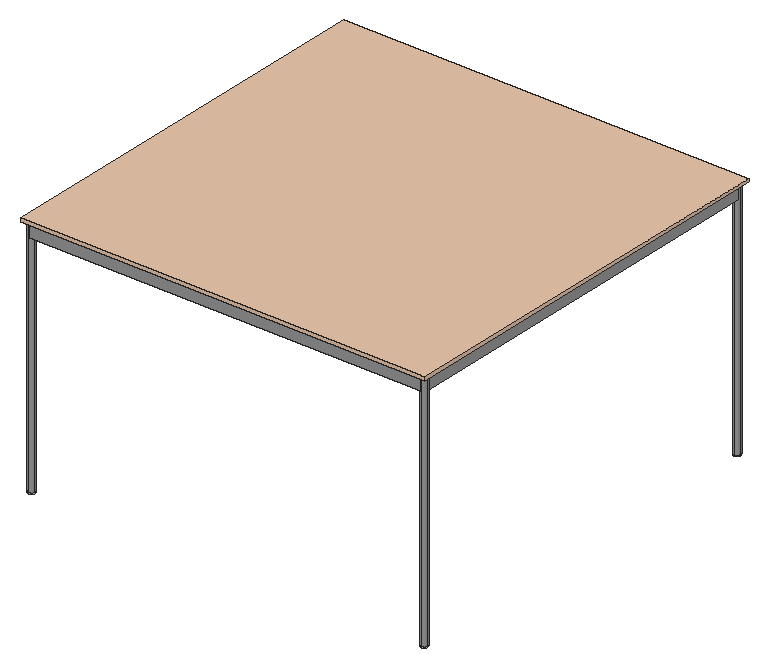
Revit family "SP5F", category Furniture, Revit 2020
Family settings
  OmniClass Number = 23.40.20.00
  OmniClass Title = General Furniture and Specialties
  Work Plane-Based = No
  Always vertical = Yes
  Cut with Voids When Loaded = No
  Shared = No
  Room Calculation Point = No
Parameters
  Width = 5' - 0"
  Top = 0' - 0 1/2"
  Length = 5' - 0"
  Leg Dia = 0' - 1"
  Height = 3' - 0"
  Default Elevation = 0' - 0"
  Bottom = 0' - 2"
Reference planes (in)
  plane 1 "Center Front/Back": y = 0
  plane 2: z = 0
  plane 3 "Center Left/Right": x = 0
  plane 4: x = 30
  plane 5: x = -30
  plane 6 "Center L/U": y = 30
  plane 7 "Center L/V": y = -30
  plane 8: x = -29.5
  plane 9: x = 29.5
  plane 10: y = 29.5
  plane 11: y = -29.5
  plane 12: z = 36
  plane 13: z = 36.5
  plane 14: z = 34
  plane 15: y = 28.5
  plane 16: z = 0.18737
Forms (in)
  Extrusion 1, solid, material "#Top"
    sketch origin (0, 0, 0) x (1, 0, 0) y (0, 1, 0)
      loop
        line (-30, 30) -> (-30, -30) -> (30, -30) -> (30, 30) -> (-30, 30)
    from 36 to 36.5
  Extrusion 2, solid, material "#Base"
    sketch origin (0, 0, 0) x (1, 0, 0) y (0, 1, 0)
      loop
        arc (-29, 29.5) -> (-29.35355, 29.35355) -> (-29.5, 29) r 0.5
        line (-29.5, 29) -> (-29.5, -29)
        arc (-29.5, -29) -> (-29.35355, -29.35355) -> (-29, -29.5) r 0.5
        line (-29, -29.5) -> (29, -29.5)
        arc (29, -29.5) -> (29.35355, -29.35355) -> (29.5, -29) r 0.5
        line (29.5, -29) -> (29.5, 29)
        arc (29.5, 29) -> (29.35355, 29.35355) -> (29, 29.5) r 0.5
        line (29, 29.5) -> (-29, 29.5)
      loop
        line (-28.5, 28.5) -> (-28.5, -28.5) -> (28.5, -28.5) -> (28.5, 28.5) -> (-28.5, 28.5)
    from 34 to 36
  Extrusion 3, solid, material "#Base"
    sketch origin (0, 0, 0) x (1, 0, 0) y (0, 1, 0)
      loop
        line (-28.5, -28.5) -> (-29.75, -28.5) -> (-29.75, -29.5) -> (-28.5, -29.5) -> (-28.5, -28.5)
    from 0.18737 to 36
  Extrusion 4, void
    sketch origin (0, 0, 0) x (1, 0, 0) y (0, 1, 0)
      loop
        arc (-28.625, -29) -> (-28.77145, -28.64645) -> (-29.125, -28.5) r 0.5
        arc (-29.125, -28.5) -> (-29.47855, -28.64645) -> (-29.625, -29) r 0.5
        arc (-29.625, -29) -> (-29.47855, -29.35355) -> (-29.125, -29.5) r 0.5
        arc (-29.125, -29.5) -> (-28.77145, -29.35355) -> (-28.625, -29) r 0.5
      loop
        arc (-29, -28) -> (-29.70711, -28.29289) -> (-30, -29) r 1
        arc (-30, -29) -> (-29.70711, -29.70711) -> (-29, -30) r 1
        arc (-29, -30) -> (-28.29289, -29.70711) -> (-28, -29) r 1
        arc (-28, -29) -> (-28.29289, -28.29289) -> (-29, -28) r 1
    from 0.18737 to 36
  Extrusion 5, solid, material "#Base"
    sketch origin (0, 0, 0) x (1, 0, 0) y (0, 1, 0)
      loop
        line (-28.5, 28.5) -> (-28.5, 29.5) -> (-29.75, 29.5) -> (-29.75, 28.5) -> (-28.5, 28.5)
    from 0.18737 to 36
  Extrusion 6, void
    sketch origin (0, 0, 0) x (1, 0, 0) y (0, 1, 0)
      loop
        arc (-28.625, 29) -> (-28.77145, 29.35355) -> (-29.125, 29.5) r 0.5
        arc (-29.125, 29.5) -> (-29.47855, 29.35355) -> (-29.625, 29) r 0.5
        arc (-29.625, 29) -> (-29.47855, 28.64645) -> (-29.125, 28.5) r 0.5
        arc (-29.125, 28.5) -> (-28.77145, 28.64645) -> (-28.625, 29) r 0.5
      loop
        arc (-29, 28) -> (-28.29289, 28.29289) -> (-28, 29) r 1
        arc (-28, 29) -> (-28.29289, 29.70711) -> (-29, 30) r 1
        arc (-29, 30) -> (-29.70711, 29.70711) -> (-30, 29) r 1
        arc (-30, 29) -> (-29.70711, 28.29289) -> (-29, 28) r 1
    from 0.18737 to 36
  Extrusion 7, solid, material "#Base"
    sketch origin (0, 0, 0) x (-1, 0, 0) y (0, -1, 0)
      loop
        line (-28.5, 28.5) -> (-28.5, 29.5) -> (-29.75, 29.5) -> (-29.75, 28.5) -> (-28.5, 28.5)
    from 0.18737 to 36
  Extrusion 8, void
    sketch origin (0, 0, 0) x (-1, 0, 0) y (0, -1, 0)
      loop
        arc (-28.625, 29) -> (-28.77145, 29.35355) -> (-29.125, 29.5) r 0.5
        arc (-29.125, 29.5) -> (-29.47855, 29.35355) -> (-29.625, 29) r 0.5
        arc (-29.625, 29) -> (-29.47855, 28.64645) -> (-29.125, 28.5) r 0.5
        arc (-29.125, 28.5) -> (-28.77145, 28.64645) -> (-28.625, 29) r 0.5
      loop
        arc (-29, 28) -> (-28.29289, 28.29289) -> (-28, 29) r 1
        arc (-28, 29) -> (-28.29289, 29.70711) -> (-29, 30) r 1
        arc (-29, 30) -> (-29.70711, 29.70711) -> (-30, 29) r 1
        arc (-30, 29) -> (-29.70711, 28.29289) -> (-29, 28) r 1
    from 0.18737 to 36
  Extrusion 9, solid, material "#Base"
    sketch origin (0, 0, 0) x (-1, 0, 0) y (0, -1, 0)
      loop
        line (-28.5, -28.5) -> (-29.75, -28.5) -> (-29.75, -29.5) -> (-28.5, -29.5) -> (-28.5, -28.5)
    from 0.18737 to 36
  Extrusion 10, void
    sketch origin (0, 0, 0) x (-1, 0, 0) y (0, -1, 0)
      loop
        arc (-28.625, -29) -> (-28.77145, -28.64645) -> (-29.125, -28.5) r 0.5
        arc (-29.125, -28.5) -> (-29.47855, -28.64645) -> (-29.625, -29) r 0.5
        arc (-29.625, -29) -> (-29.47855, -29.35355) -> (-29.125, -29.5) r 0.5
        arc (-29.125, -29.5) -> (-28.77145, -29.35355) -> (-28.625, -29) r 0.5
      loop
        arc (-29, -28) -> (-29.70711, -28.29289) -> (-30, -29) r 1
        arc (-30, -29) -> (-29.70711, -29.70711) -> (-29, -30) r 1
        arc (-29, -30) -> (-28.29289, -29.70711) -> (-28, -29) r 1
        arc (-28, -29) -> (-28.29289, -28.29289) -> (-29, -28) r 1
    from 0.18737 to 36
  Extrusion 11, solid
    sketch origin (0, 0, 0) x (1, 0, 0) y (0, 1, 0)
      loop
        arc (-28.625, 29) -> (-28.77145, 29.35355) -> (-29.125, 29.5) r 0.5
        arc (-29.125, 29.5) -> (-29.47855, 29.35355) -> (-29.625, 29) r 0.5
        arc (-29.625, 29) -> (-29.47855, 28.64645) -> (-29.125, 28.5) r 0.5
        arc (-29.125, 28.5) -> (-28.77145, 28.64645) -> (-28.625, 29) r 0.5
    from 0 to 0.11626
  Extrusion 12, solid
    sketch origin (0, 0, 0) x (1, 0, 0) y (0, 1, 0)
      loop
        arc (-29.125, 28.51172) -> (-28.77973, 28.65473) -> (-28.63672, 29) r 0.48828
        arc (-28.63672, 29) -> (-28.77973, 29.34527) -> (-29.125, 29.48828) r 0.48828
        arc (-29.125, 29.48828) -> (-29.47027, 29.34527) -> (-29.61328, 29) r 0.48828
        arc (-29.61328, 29) -> (-29.47027, 28.65473) -> (-29.125, 28.51172) r 0.48828
    from 0.11626 to 0.18737
  Extrusion 13, solid
    sketch origin (0, 0, 0) x (-1, 0, 0) y (0, -1, 0)
      loop
        arc (-28.625, -29) -> (-28.77145, -28.64645) -> (-29.125, -28.5) r 0.5
        arc (-29.125, -28.5) -> (-29.47855, -28.64645) -> (-29.625, -29) r 0.5
        arc (-29.625, -29) -> (-29.47855, -29.35355) -> (-29.125, -29.5) r 0.5
        arc (-29.125, -29.5) -> (-28.77145, -29.35355) -> (-28.625, -29) r 0.5
    from 0.11626 to 0
  Extrusion 14, solid
    sketch origin (0, 0, 0) x (-1, 0, 0) y (0, -1, 0)
      loop
        arc (-29.125, -28.51172) -> (-29.47027, -28.65473) -> (-29.61328, -29) r 0.48828
        arc (-29.61328, -29) -> (-29.47027, -29.34527) -> (-29.125, -29.48828) r 0.48828
        arc (-29.125, -29.48828) -> (-28.77973, -29.34527) -> (-28.63672, -29) r 0.48828
        arc (-28.63672, -29) -> (-28.77973, -28.65473) -> (-29.125, -28.51172) r 0.48828
    from 0.11626 to 0.18737
  Extrusion 15, solid
    sketch origin (0, 0, 0) x (1, 0, 0) y (0, 1, 0)
      loop
        arc (-28.625, -29) -> (-28.77145, -28.64645) -> (-29.125, -28.5) r 0.5
        arc (-29.125, -28.5) -> (-29.47855, -28.64645) -> (-29.625, -29) r 0.5
        arc (-29.625, -29) -> (-29.47855, -29.35355) -> (-29.125, -29.5) r 0.5
        arc (-29.125, -29.5) -> (-28.77145, -29.35355) -> (-28.625, -29) r 0.5
    from 0 to 0.11626
  Extrusion 16, solid
    sketch origin (0, 0, 0) x (1, 0, 0) y (0, 1, 0)
      loop
        arc (-29.125, -28.51172) -> (-29.47027, -28.65473) -> (-29.61328, -29) r 0.48828
        arc (-29.61328, -29) -> (-29.47027, -29.34527) -> (-29.125, -29.48828) r 0.48828
        arc (-29.125, -29.48828) -> (-28.77973, -29.34527) -> (-28.63672, -29) r 0.48828
        arc (-28.63672, -29) -> (-28.77973, -28.65473) -> (-29.125, -28.51172) r 0.48828
    from 0.11626 to 0.18737
  Extrusion 17, solid
    sketch origin (0, 0, 0) x (-1, 0, 0) y (0, -1, 0)
      loop
        arc (-29.125, 28.51172) -> (-28.77973, 28.65473) -> (-28.63672, 29) r 0.48828
        arc (-28.63672, 29) -> (-28.77973, 29.34527) -> (-29.125, 29.48828) r 0.48828
        arc (-29.125, 29.48828) -> (-29.47027, 29.34527) -> (-29.61328, 29) r 0.48828
        arc (-29.61328, 29) -> (-29.47027, 28.65473) -> (-29.125, 28.51172) r 0.48828
    from 0.11626 to 0.18737
  Extrusion 18, solid
    sketch origin (58.25, 0, 0) x (1, 0, 0) y (0, 1, 0)
      loop
        arc (-28.625, -29) -> (-28.77145, -28.64645) -> (-29.125, -28.5) r 0.5
        arc (-29.125, -28.5) -> (-29.47855, -28.64645) -> (-29.625, -29) r 0.5
        arc (-29.625, -29) -> (-29.47855, -29.35355) -> (-29.125, -29.5) r 0.5
        arc (-29.125, -29.5) -> (-28.77145, -29.35355) -> (-28.625, -29) r 0.5
    from 0 to 0.11626
Cuts and joins
  Extrusion 6, Extrusion 8, Extrusion 10 cuts Extrusion 1
  Extrusion 4, Extrusion 6, Extrusion 8, Extrusion 10 cuts Extrusion 3
  Extrusion 6, Extrusion 8, Extrusion 10 cuts Extrusion 5
  Extrusion 8 cuts Extrusion 7
  Extrusion 10 cuts Extrusion 9
  joined: Extrusion 2, Extrusion 3, Extrusion 5, Extrusion 7, Extrusion 9
Dimensions and locks (in)
  "Length": plane 5 to plane 4
  "Width": plane 7 "Center L/V" to plane 6 "Center L/U"
  equal spacing: plane 5, plane 3 "Center Left/Right", plane 4
  equal spacing: plane 7 "Center L/V", plane 1 "Center Front/Back", plane 6 "Center L/U"
  plane 5 to plane 8 = 0' - 0 1/2"
  plane 6 "Center L/U" to plane 10 = 0' - 0 1/2"
  plane 9 to plane 4 = 0' - 0 1/2"
  plane 7 "Center L/V" to plane 11 = 0' - 0 1/2"
  "Height": plane 12 to level
  "Top": plane 13 to plane 12
  "Bottom": plane 12 to plane 14
  "Leg Dia": plane 10 to plane 15
  aligned and locked: level to plane 2
  aligned and locked: plane 6 "Center L/U" to Extrusion 1 sketch curve
  aligned and locked: Extrusion 1 sketch curve to plane 5
  aligned and locked: Extrusion 1 sketch curve to plane 7 "Center L/V"
  aligned and locked: Extrusion 1 sketch curve to plane 4
  aligned and locked: plane 13 to Extrusion 1
  aligned and locked: Extrusion 1 to plane 12
  aligned and locked: Extrusion 2 to plane 14
  aligned and locked: plane 12 to Extrusion 2
  aligned and locked: Extrusion 3 to Extrusion 2
  aligned and locked: Extrusion 2 to Extrusion 4
  aligned and locked: Extrusion 6 to Extrusion 1
  aligned and locked: plane 12 to Extrusion 3
  aligned and locked: plane 12 to Extrusion 5
  aligned and locked: Extrusion 8 to Extrusion 1
  aligned and locked: plane 12 to Extrusion 7
  aligned and locked: Extrusion 10 to Extrusion 1
  aligned and locked: plane 12 to Extrusion 9
  aligned and locked: Extrusion 4 to Extrusion 3
  aligned and locked: Extrusion 10 to Extrusion 8
  aligned and locked: Extrusion 9 to Extrusion 7
  aligned and locked: Extrusion 10 to Extrusion 14
  aligned and locked: Extrusion 12 to cut or joined group of Extrusion 2, Extrusion 3, Extrusion 4, Extrusion 5, Extrusion 6, Extrusion 7, Extrusion 8, Extrusion 9, Extrusion 10
Automatic sketch dimensions
  Extrusion 2 sketch curve to plane 8 = 0' - 0"
  Extrusion 2 sketch curve to plane 11 = 0' - 0"
  Extrusion 2 sketch curve to plane 10 = 0' - 0"
  Extrusion 2 sketch curve to plane 15 = 0' - 0"
  Extrusion 2 sketch curve to plane 9 = 0' - 0"
  plane 8 to Extrusion 2 sketch curve = 0' - 0 1/2"  (x2)
  Extrusion 2 sketch curve to Extrusion 2 sketch curve = 0' - 0 1/2"  (x3)
  plane 9 to Extrusion 2 sketch curve = 0' - 1"
  plane 9 to Extrusion 2 sketch curve = 0' - 0 1/2"
  Extrusion 3 sketch curve to plane 11 = 0' - 0"
  plane 5 to Extrusion 3 sketch curve = 0' - 0 1/4"
  Extrusion 3 sketch curve to plane 8 = 0' - 1"
  plane 11 to Extrusion 3 sketch curve = 0' - 1"
  Extrusion 4 sketch curve to Extrusion 4 sketch curve = 0' - 0"  (x25)
  Extrusion 4 sketch curve to plane 5 = 0' - 0"
  Extrusion 4 sketch curve to plane 11 = 0' - 0"
  plane 7 "Center L/V" to Extrusion 4 sketch curve = 0' - 0"
  plane 8 to Extrusion 4 sketch curve = 0' - 0 3/8"
  Extrusion 4 sketch curve to Extrusion 4 sketch curve = 0' - 0 1/8"
  Extrusion 5 sketch curve to plane 15 = 0' - 0"
  Extrusion 5 sketch curve to plane 10 = 0' - 0"
  Extrusion 5 sketch curve to plane 5 = 0' - 0 1/4"
  plane 8 to Extrusion 5 sketch curve = 0' - 1"
  Extrusion 6 sketch curve to Extrusion 6 sketch curve = 0' - 0"  (x24)
  Extrusion 6 sketch curve to plane 5 = 0' - 0"
  Extrusion 6 sketch curve to plane 15 = 0' - 0"
  Extrusion 6 sketch curve to plane 10 = 0' - 0"
  plane 6 "Center L/U" to Extrusion 6 sketch curve = 0' - 0"
  Extrusion 6 sketch curve to plane 8 = 0' - 0 3/8"
  Extrusion 6 sketch curve to Extrusion 6 sketch curve = 0' - 0 1/8"
  plane 11 to Extrusion 7 sketch curve = 0' - 0"
  Extrusion 7 sketch curve to plane 4 = 0' - 0 1/4"
  plane 9 to Extrusion 7 sketch curve = 0' - 1"
  Extrusion 7 sketch curve to plane 11 = 0' - 1"
  Extrusion 8 sketch curve to Extrusion 8 sketch curve = 0' - 0"  (x25)
  Extrusion 8 sketch curve to plane 4 = 0' - 0"
  plane 11 to Extrusion 8 sketch curve = 0' - 0"
  plane 7 "Center L/V" to Extrusion 8 sketch curve = 0' - 0"
  Extrusion 8 sketch curve to plane 9 = 0' - 0 3/8"
  Extrusion 8 sketch curve to Extrusion 8 sketch curve = 0' - 0 1/8"
  Extrusion 9 sketch curve to plane 15 = 0' - 0"
  Extrusion 9 sketch curve to plane 10 = 0' - 0"
  plane 4 to Extrusion 9 sketch curve = 0' - 0 1/4"
  Extrusion 9 sketch curve to plane 9 = 0' - 1"
  Extrusion 10 sketch curve to Extrusion 10 sketch curve = 0' - 0"  (x24)
  Extrusion 10 sketch curve to plane 4 = 0' - 0"
  Extrusion 10 sketch curve to plane 15 = 0' - 0"
  Extrusion 10 sketch curve to plane 10 = 0' - 0"
  plane 6 "Center L/U" to Extrusion 10 sketch curve = 0' - 0"
  plane 9 to Extrusion 10 sketch curve = 0' - 0 3/8"
  Extrusion 10 sketch curve to Extrusion 10 sketch curve = 0' - 0 1/8"
  Extrusion 11 sketch curve to Extrusion 11 sketch curve = 0' - 0"  (x12)
  Extrusion 11 sketch curve to plane 15 = 0' - 0"
  Extrusion 11 sketch curve to plane 10 = 0' - 0"
  plane 8 to Extrusion 11 sketch curve = 0' - 0 3/8"
  Extrusion 12 sketch curve to Extrusion 12 sketch curve = 0' - 0"  (x12)
  plane 8 to Extrusion 12 sketch curve = 0' - 0 3/8"
  Extrusion 12 sketch curve to plane 10 = 0' - 0 1/2"
  Extrusion 12 sketch curve to plane 8 = 0' - 0 29/256"
  Extrusion 13 sketch curve to Extrusion 13 sketch curve = 0' - 0"  (x12)
  Extrusion 13 sketch curve to plane 15 = 0' - 0"
  Extrusion 13 sketch curve to plane 10 = 0' - 0"
  Extrusion 13 sketch curve to plane 9 = 0' - 0 3/8"
  Extrusion 14 sketch curve to Extrusion 14 sketch curve = 0' - 0"  (x12)
  Extrusion 14 sketch curve to plane 9 = 0' - 0 3/8"
  plane 10 to Extrusion 14 sketch curve = 0' - 0 1/2"
  plane 9 to Extrusion 14 sketch curve = 0' - 0 29/256"
  Extrusion 15 sketch curve to Extrusion 15 sketch curve = 0' - 0"  (x12)
  Extrusion 15 sketch curve to plane 11 = 0' - 0"
  Extrusion 15 sketch curve to plane 8 = 0' - 0 3/8"
  plane 11 to Extrusion 15 sketch curve = 0' - 0 1/2"
  Extrusion 16 sketch curve to Extrusion 16 sketch curve = 0' - 0"  (x12)
  Extrusion 16 sketch curve to plane 8 = 0' - 0 3/8"
  plane 11 to Extrusion 16 sketch curve = 0' - 0 1/2"
  plane 8 to Extrusion 16 sketch curve = 0' - 0 29/256"
  Extrusion 17 sketch curve to Extrusion 17 sketch curve = 0' - 0"  (x12)
  plane 9 to Extrusion 17 sketch curve = 0' - 0 3/8"
  Extrusion 17 sketch curve to plane 11 = 0' - 0 1/2"
  Extrusion 17 sketch curve to plane 9 = 0' - 0 29/256"
  Extrusion 18 sketch curve to Extrusion 18 sketch curve = 0' - 0"  (x12)
  plane 11 to Extrusion 18 sketch curve = 0' - 0"
  Extrusion 18 sketch curve to plane 9 = 0' - 0 3/8"
  plane 11 to Extrusion 18 sketch curve = 0' - 0 1/2"
